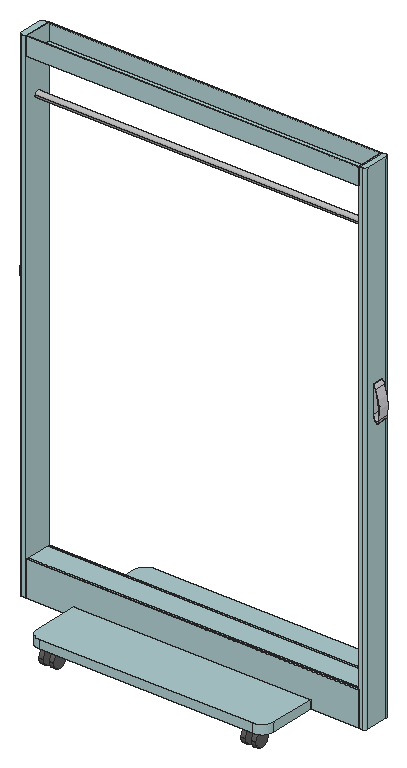
Revit family "okamura_MT20CA00_スプリント_スタンド_ハンガースタンド_1200W×500D×1800H", category 家具, Revit 2017
Family settings
  OmniClass 番号 = 23.40.20.00
  OmniClass タイトル = General Furniture and Specialties
  作業面に基づく = いいえ
  常に垂直 = はい
  ロード時にボイドで切り取り = いいえ
  共有 = いいえ
  部屋計算ポイント = いいえ
Parameters (values of type "ZH14（セージ）")
  製造元 = "株式会社オカムラ"
  製品名称 [instance] = "スプリント"  # constant formula
  製品仕様 [instance] = "ハンガースタンド 1200W×500D×1800H"  # constant formula
  製品コード/色仕様 = "MT20CA"  # constant formula
  製品コード [instance] = "MT20CA"  # constant formula
  製品カテゴリ = "クリエイティブファニチュア"  # constant formula
  色仕様名称 [instance] = "セージ"
  色仕様コード [instance] = "ZH14"
  本体 = okm_ZH14
  導入日 [instance] = ""
  区分 = "スタンド"  # constant formula
  共通仕様 = ""
  備考 = ""
  シリアルNo [instance] = ""
  キーノート = "12490"
  キャスター = okm_G81
  アセンブリ コード = "E2020200"
  W = 1200.0 mm
  URL = "http://www.okamura.co.jp/"
  Product_URL = ""
  ID [instance] = ""
  H = 1800.0 mm
  D = 500.0 mm
  Copyright [instance] = "©2021.11 okamura Corp."  # constant formula
Types (8, lengths in mm): name | 色仕様名称 | 色仕様コード | 本体
  (no name) | "セージ" | "ZH14" | okm_ZH14
  ZH11（オレンジレッド） | "オレンジレッド" | "ZH11" | okm_ZH11
  ZH12（ダークグリーン） | "ダークグリーン" | "ZH12" | okm_ZH12
  ZH13（イエロー） | "イエロー" | "ZH13" | okm_ZH13
  ZH14（セージ） | "セージ" | "ZH14" | okm_ZH14
  ZH15（ダークグレー） | "ダークグレー" | "ZH15" | okm_ZH15
  Z721（ブラック） | "ブラック" | "Z721" | okm_Z721
  ZC03（ネオホワイト） | "ネオホワイト" | "ZC03" | okm_ZC03
Reference planes
  plane 1 "中心(正面/背面)": y = 0
  plane 2: z = 0
  plane 3 "中心(左/右)": x = 0
  plane 4 "左": x = -600
  plane 5 "右": x = 600
  plane 6 "背面": y = 250
  plane 7 "正面": y = -250
  plane 8 "上": z = 1800
  plane 9: x = -410
  plane 10: x = 410
  plane 11: x = -330
  plane 12: x = 330
  plane 13: x = 380
  plane 14: x = -380
Forms (mm)
  Extrusion 1, solid, material "okm_ZH14" <- "本体"
    sketch origin (0, 0, 0) x (1, 0, 0) y (0, 1, 0)
      loop
        arc (-370, 250) -> (-398.284, 238.284) -> (-410, 210) r 40
        line (-410, 210) -> (-410, -210)
        arc (-410, -210) -> (-398.284, -238.284) -> (-370, -250) r 40
        line (-370, -250) -> (370, -250)
        arc (370, -250) -> (398.284, -238.284) -> (410, -210) r 40
        line (410, -210) -> (410, 210)
        arc (410, 210) -> (398.284, 238.284) -> (370, 250) r 40
        line (370, 250) -> (-370, 250)
    from 57 to 87
  Extrusion 2, solid, material "okm_ZH14" <- "本体"
    sketch origin (0, 0, 0) x (1, 0, 0) y (0, 1, 0)
      loop
        arc (-590, 50) -> (-597.071, 47.071) -> (-600, 40) r 10
        line (-600, 40) -> (-600, -40)
        arc (-600, -40) -> (-597.071, -47.071) -> (-590, -50) r 10
        line (-590, -50) -> (-578, -50) -> (-578, 50) -> (-590, 50)
      loop
        arc (590, -50) -> (597.071, -47.071) -> (600, -40) r 10
        line (600, -40) -> (600, 40)
        arc (600, 40) -> (597.071, 47.071) -> (590, 50) r 10
        line (590, 50) -> (578, 50) -> (578, -50) -> (590, -50)
    from 57 to 1800
  Extrusion 3, solid, material "okm_ZH14" <- "本体"
    sketch origin (0, 0, 0) x (1, 0, 0) y (0, 1, 0)
      loop
        line (578, 50) -> (-578, 50) -> (-578, -50) -> (578, -50) -> (578, 50)
      loop
        line (-576, 48) -> (-576, -48) -> (576, -48) -> (576, 48) -> (-576, 48)
    from 1740 to 1800
  Extrusion 4, solid, material "okm_ZH14" <- "本体"
    sketch origin (0, 0, 2080) x (0, -1, 0) y (1, 0, 0)
      loop
        line (-50, 578) -> (-50, -578) -> (-48, -578) -> (-48, 578) -> (-50, 578)
      loop
        line (50, -578) -> (50, 578) -> (48, 578) -> (48, -578) -> (50, -578)
      loop
        line (-41, -578) -> (41, -578) -> (41, 578) -> (-41, 578) -> (-41, -578)
    from -2023 to -1903
  Extrusion 5, solid, material "okm_Z637"
    sketch origin (0, 0, 0) x (1, 0, 0) y (0, 0, 1)
      loop
        arc (-600, 1121) -> (-602.645, 1119.928) -> (-604.745, 1117.996) r 8
        arc (-604.745, 1117.996) -> (-608.489, 1112.272) -> (-611.417, 1106.09) r 50
        arc (-611.417, 1106.09) -> (-622.819, 1059.621) -> (-621.575, 1011.79) r 180
        arc (-621.575, 1011.79) -> (-620.136, 1006.955) -> (-617.504, 1002.651) r 19.481
        arc (-617.504, 1002.651) -> (-615.843, 1001.737) -> (-614.018, 1002.251) r 2.5
        arc (-614.018, 1002.251) -> (-604.68, 1013.792) -> (-601.342, 1028.257) r 33.015
        line (-601.342, 1028.257) -> (-601.342, 1105.743)
        arc (-601.342, 1105.743) -> (-601.005, 1111.246) -> (-600, 1116.667) r 45.137
        line (-600, 1116.667) -> (-600, 1121)
      loop
        arc (-603.15, 1116.789) -> (-606.745, 1111.294) -> (-609.556, 1105.36) r 48
        arc (-609.556, 1105.36) -> (-620.83, 1059.407) -> (-619.6, 1012.107) r 178
        arc (-619.6, 1012.107) -> (-618.208, 1007.546) -> (-615.635, 1003.53) r 17.481
        arc (-615.635, 1003.53) -> (-606.585, 1014.45) -> (-603.342, 1028.257) r 31.015
        line (-603.342, 1028.257) -> (-603.342, 1105.743)
        arc (-603.342, 1105.743) -> (-602.923, 1112.015) -> (-601.673, 1118.175) r 47.137
        arc (-601.673, 1118.175) -> (-602.471, 1117.545) -> (-603.15, 1116.789) r 6
      loop
        line (600, 1121) -> (600, 1116.667)
        arc (600, 1116.667) -> (601.005, 1111.246) -> (601.342, 1105.743) r 45.137
        line (601.342, 1105.743) -> (601.342, 1028.257)
        arc (601.342, 1028.257) -> (604.68, 1013.792) -> (614.018, 1002.251) r 33.015
        arc (614.018, 1002.251) -> (615.843, 1001.737) -> (617.504, 1002.651) r 2.5
        arc (617.504, 1002.651) -> (620.136, 1006.955) -> (621.575, 1011.79) r 19.481
        arc (621.575, 1011.79) -> (622.819, 1059.621) -> (611.417, 1106.09) r 180
        arc (611.417, 1106.09) -> (608.489, 1112.272) -> (604.745, 1117.996) r 50
        arc (604.745, 1117.996) -> (602.645, 1119.928) -> (600, 1121) r 8
      loop
        arc (603.15, 1116.789) -> (602.471, 1117.545) -> (601.673, 1118.175) r 6
        arc (601.673, 1118.175) -> (602.923, 1112.015) -> (603.342, 1105.743) r 47.137
        line (603.342, 1105.743) -> (603.342, 1028.257)
        arc (603.342, 1028.257) -> (606.585, 1014.45) -> (615.635, 1003.53) r 31.015
        arc (615.635, 1003.53) -> (618.208, 1007.546) -> (619.6, 1012.107) r 17.481
        arc (619.6, 1012.107) -> (620.83, 1059.407) -> (609.556, 1105.36) r 178
        arc (609.556, 1105.36) -> (606.745, 1111.294) -> (603.15, 1116.789) r 48
    from 17.5 to -17.5
  Extrusion 6, solid, material "okm_G81" <- "キャスター"
    sketch origin (0, 0, 0) x (0, 1, 0) y (0, 0, 1)
      loop
        circle (-219, 25) r 25
      loop
        circle (219, 25) r 25
    from 360.5 to 376
  Extrusion 7, solid, material "okm_G81" <- "キャスター"
    sketch origin (700.001, 0, 0) x (0, 1, 0) y (0, 0, -1)
      loop
        circle (-219, -25) r 25
      loop
        circle (219, -25) r 25
    from 360.5 to 376
  Revolve 8, solid, material "okm_G81" <- "キャスター"
    sketch origin (0, -202, 0) x (1, 0, 0) y (0, 0, -1)
      loop
        line (339.504, -17) -> (341.857, -57) -> (350, -57) -> (350, -17) -> (339.504, -17)
      axis (350, -57) -> (350, -17)
    angle from 0 to 360
  Revolve 9, solid, material "okm_G81" <- "キャスター"
    sketch origin (0, 202, 0) x (1, 0, 0) y (0, 0, 1)
      loop
        line (339.504, 17) -> (350, 17) -> (350, 57) -> (341.857, 57) -> (339.504, 17)
      axis (350, 57) -> (350, 17)
    angle from 0 to 360
  Extrusion 10, solid, material "okm_G81" <- "キャスター"
    sketch origin (0, 0, 0) x (0, 1, 0) y (0, 0, -1)
      loop
        circle (-219, -25) r 25
      loop
        circle (219, -25) r 25
    from 360.5 to 376
  Extrusion 11, solid, material "okm_G81" <- "キャスター"
    sketch origin (-700.001, 0, 0) x (0, 1, 0) y (0, 0, 1)
      loop
        circle (-219, 25) r 25
      loop
        circle (219, 25) r 25
    from 360.5 to 376
  Revolve 12, solid, material "okm_G81" <- "キャスター"
    sketch origin (0, -202, 0) x (-1, 0, 0) y (0, 0, 1)
      loop
        line (339.504, 17) -> (350, 17) -> (350, 57) -> (341.857, 57) -> (339.504, 17)
      axis (350, 57) -> (350, 17)
    angle from 0 to 360
  Revolve 13, solid, material "okm_G81" <- "キャスター"
    sketch origin (0, 202, 0) x (-1, 0, 0) y (0, 0, -1)
      loop
        line (339.504, -17) -> (341.857, -57) -> (350, -57) -> (350, -17) -> (339.504, -17)
      axis (350, -57) -> (350, -17)
    angle from 0 to 360
  Extrusion 14, solid, material "okm_ZH14" <- "本体"
    sketch origin (0, 0, 0) x (1, 0, 0) y (0, 1, 0)
      loop
        line (-576, 48) -> (-576, -48) -> (576, -48) -> (576, 48) -> (-576, 48)
      loop
        line (-30.052, 11) -> (-527.052, 11)
        arc (-527.052, 11) -> (-538.052, 0) -> (-527.052, -11) r 11
        line (-527.052, -11) -> (-30.052, -11)
        arc (-30.052, -11) -> (-19.052, 0) -> (-30.052, 11) r 11
      loop
        arc (30.052, 11) -> (19.052, 0) -> (30.052, -11) r 11
        line (30.052, -11) -> (527.052, -11)
        arc (527.052, -11) -> (538.052, 0) -> (527.052, 11) r 11
        line (527.052, 11) -> (30.052, 11)
    from 1742 to 1740
  Extrusion 15, solid, material "okm_FX4"
    sketch origin (0, 0, 0) x (0, 1, 0) y (0, 0, 1)
      loop
        circle (0, 1600.3) r 11
    from -578 to 578
Cuts and joins
  joined: Extrusion 1, Extrusion 4
  joined: Extrusion 3, Extrusion 14
Lines and regions (mm)
  Masking region 1
    outline origin (0, 0, 0) x (1, 0, 0) y (0, 1, 0)
      loop
        line (370, 250) -> (-370, 250)
        arc (-370, 250) -> (-398.284, 238.284) -> (-410, 210) r 40
        line (-410, 210) -> (-410, 50) -> (-590, 50)
        arc (-590, 50) -> (-597.071, 47.071) -> (-600, 40) r 10
        line (-600, 40) -> (-600, -40)
        arc (-600, -40) -> (-597.071, -47.071) -> (-590, -50) r 10
        line (-590, -50) -> (-410, -50) -> (-410, -210)
        arc (-410, -210) -> (-398.284, -238.284) -> (-370, -250) r 40
        line (-370, -250) -> (370, -250)
        arc (370, -250) -> (398.284, -238.284) -> (410, -210) r 40
        line (410, -210) -> (410, -50) -> (590, -50)
        arc (590, -50) -> (597.071, -47.071) -> (600, -40) r 10
        line (600, -40) -> (600, 40)
        arc (600, 40) -> (597.071, 47.071) -> (590, 50) r 10
        line (590, 50) -> (410, 50) -> (410, 210)
        arc (410, 210) -> (398.284, 238.284) -> (370, 250) r 40
  symbolic lines, style "okm_標準・詳細", detail levels medium+fine
    curve 1: line (370, 250, 0) -> (-370, 250, 0)
    curve 2: arc (-370, 250, 0) -> (-398.284, 238.284, 0) -> (-410, 210, 0) r 40
    curve 3: line (-410, 210, 0) -> (-410, 50, 0)
    curve 4: arc (410, 210, 0) -> (398.284, 238.284, 0) -> (370, 250, 0) r 40
    curve 5: line (410, -210, 0) -> (410, -50, 0)
    curve 6: arc (370, -250, 0) -> (398.284, -238.284, 0) -> (410, -210, 0) r 40
    curve 7: arc (-410, -210, 0) -> (-398.284, -238.284, 0) -> (-370, -250, 0) r 40
    curve 8: line (-370, -250, 0) -> (370, -250, 0)
    curve 9: line (-590, -50, 0) -> (590, -50, 0)
    curve 10: line (590, 50, 0) -> (-590, 50, 0)
    curve 11: arc (-590, 50, 0) -> (-597.071, 47.071, 0) -> (-600, 40, 0) r 10
    curve 12: line (-600, 40, 0) -> (-600, -40, 0)
    curve 13: arc (-600, -40, 0) -> (-597.071, -47.071, 0) -> (-590, -50, 0) r 10
    curve 14: arc (600, 40, 0) -> (597.071, 47.071, 0) -> (590, 50, 0) r 10
    curve 15: line (600, -40, 0) -> (600, 40, 0)
    curve 16: arc (590, -50, 0) -> (597.071, -47.071, 0) -> (600, -40, 0) r 10
    curve 34: line (410, 50, 0) -> (410, 210, 0)
    curve 36: line (-410, -50, 0) -> (-410, -210, 0)
    curve 45: arc (30.052, -11, 0) -> (19.052, 0, 0) -> (30.052, 11, 0) r 11
    curve 46: arc (527.052, 11, 0) -> (538.052, 0, 0) -> (527.052, -11, 0) r 11
    curve 47: line (30.052, 11, 0) -> (527.052, 11, 0)
    curve 48: line (527.052, -11, 0) -> (30.052, -11, 0)
    curve 49: arc (-30.052, 11, 0) -> (-19.052, 0, 0) -> (-30.052, -11, 0) r 11
    curve 50: arc (-527.052, -11, 0) -> (-538.052, 0, 0) -> (-527.052, 11, 0) r 11
    curve 51: line (-527.052, 11, 0) -> (-30.052, 11, 0)
    curve 52: line (-30.052, -11, 0) -> (-527.052, -11, 0)
  symbolic lines, style "okm_簡略", detail levels coarse
    curve 17: line (370, 250, 0) -> (-370, 250, 0)
    curve 18: arc (-370, 250, 0) -> (-398.284, 238.284, 0) -> (-410, 210, 0) r 40
    curve 19: line (-410, 210, 0) -> (-410, 50, 0)
    curve 20: arc (-410, -210, 0) -> (-398.284, -238.284, 0) -> (-370, -250, 0) r 40
    curve 21: line (-370, -250, 0) -> (370, -250, 0)
    curve 22: arc (370, -250, 0) -> (398.284, -238.284, 0) -> (410, -210, 0) r 40
    curve 23: line (410, -210, 0) -> (410, -50, 0)
    curve 24: arc (410, 210, 0) -> (398.284, 238.284, 0) -> (370, 250, 0) r 40
    curve 25: line (590, 50, 0) -> (-590, 50, 0)
    curve 26: line (-590, -50, 0) -> (590, -50, 0)
    curve 27: arc (590, -50, 0) -> (597.071, -47.071, 0) -> (600, -40, 0) r 10
    curve 28: line (600, -40, 0) -> (600, 40, 0)
    curve 29: arc (600, 40, 0) -> (597.071, 47.071, 0) -> (590, 50, 0) r 10
    curve 30: line (-600, 40, 0) -> (-600, -40, 0)
    curve 31: arc (-590, 50, 0) -> (-597.071, 47.071, 0) -> (-600, 40, 0) r 10
    curve 32: arc (-600, -40, 0) -> (-597.071, -47.071, 0) -> (-590, -50, 0) r 10
    curve 33: line (410, 50, 0) -> (410, 210, 0)
    curve 35: line (-410, -50, 0) -> (-410, -210, 0)
    curve 37: line (-527.052, 11, 0) -> (-30.052, 11, 0)
    curve 38: line (-30.052, -11, 0) -> (-527.052, -11, 0)
    curve 39: arc (-527.052, -11, 0) -> (-538.052, 0, 0) -> (-527.052, 11, 0) r 11
    curve 40: arc (-30.052, 11, 0) -> (-19.052, 0, 0) -> (-30.052, -11, 0) r 11
    curve 41: arc (30.052, -11, 0) -> (19.052, 0, 0) -> (30.052, 11, 0) r 11
    curve 42: line (527.052, -11, 0) -> (30.052, -11, 0)
    curve 43: line (30.052, 11, 0) -> (527.052, 11, 0)
    curve 44: arc (527.052, 11, 0) -> (538.052, 0, 0) -> (527.052, -11, 0) r 11
Dimensions and locks
  equal spacing: plane 4 "左", plane 3 "中心(左/右)", plane 5 "右"
  "W": plane 4 "左" to plane 5 "右"
  equal spacing: plane 7 "正面", plane 1 "中心(正面/背面)", plane 6 "背面"
  "D": plane 7 "正面" to plane 6 "背面"
  "H": plane 8 "上" to level
  aligned and locked: level to plane 2
Automatic sketch dimensions
  curve 12 to plane 4 "左" = 0.0 mm
  curve 35 to plane 9 = 0.0 mm
  plane 7 "正面" to curve 21 = 0.0 mm
  plane 6 "背面" to curve 2 = 0.0 mm
  curve 33 to plane 10 = 0.0 mm
  curve 14 to plane 5 "右" = 0.0 mm
  plane 4 "左" to curve 31 = 10.0 mm
  plane 4 "左" to curve 26 = 10.0 mm
  plane 14 to curve 21 = 10.0 mm
  plane 14 to curve 2 = 10.0 mm
  curve 17 to plane 13 = 10.0 mm
  curve 22 to plane 13 = 10.0 mm
  curve 27 to plane 5 "右" = 10.0 mm
  curve 29 to plane 5 "右" = 10.0 mm
  Extrusion 1 sketch curve to plane 9 = 0.0 mm
  plane 7 "正面" to Extrusion 1 sketch curve = 0.0 mm
  plane 6 "背面" to Extrusion 1 sketch curve = 0.0 mm
  Extrusion 1 sketch curve to plane 10 = 0.0 mm
  plane 14 to Extrusion 1 sketch curve = 10.0 mm  (x2)
  Extrusion 1 sketch curve to plane 13 = 10.0 mm  (x2)
  Extrusion 2 sketch curve to plane 4 "左" = 0.0 mm
  Extrusion 2 sketch curve to plane 5 "右" = 0.0 mm
  plane 4 "左" to Extrusion 2 sketch curve = 10.0 mm  (x2)
  Extrusion 2 sketch curve to Extrusion 2 sketch curve = 12.0 mm
  Extrusion 2 sketch curve to plane 5 "右" = 22.0 mm
  Extrusion 2 sketch curve to plane 5 "右" = 10.0 mm  (x2)
  plane 4 "左" to Extrusion 3 sketch curve = 22.0 mm
  Extrusion 3 sketch curve to Extrusion 3 sketch curve = 2.0 mm  (x4)
  Extrusion 3 sketch curve to plane 5 "右" = 24.0 mm
  Extrusion 4 sketch curve to Extrusion 4 sketch curve = 7.0 mm  (x2)
  plane 4 "左" to Extrusion 4 sketch curve = 22.0 mm
  Extrusion 4 sketch curve to Extrusion 4 sketch curve = 0.0 mm  (x3)
  Extrusion 4 sketch curve to plane 5 "右" = 22.0 mm  (x2)
  Extrusion 6 sketch curve to plane 7 "正面" = 31.0 mm
  plane 6 "背面" to Extrusion 6 sketch curve = 31.0 mm
  level to Extrusion 6 sketch curve = 25.0 mm  (x2)
  Masking region 1 sketch curve to plane 4 "左" = 0.0 mm
  Masking region 1 sketch curve to plane 9 = 0.0 mm  (x2)
  plane 6 "背面" to Masking region 1 sketch curve = 0.0 mm
  plane 7 "正面" to Masking region 1 sketch curve = 0.0 mm
  Masking region 1 sketch curve to plane 10 = 0.0 mm  (x2)
  Masking region 1 sketch curve to plane 5 "右" = 0.0 mm
  plane 4 "左" to Masking region 1 sketch curve = 10.0 mm  (x2)
  plane 14 to Masking region 1 sketch curve = 10.0 mm  (x2)
  Masking region 1 sketch curve to plane 13 = 10.0 mm  (x2)
  Masking region 1 sketch curve to plane 5 "右" = 10.0 mm  (x2)
  Extrusion 7 sketch curve to plane 7 "正面" = 31.0 mm
  plane 6 "背面" to Extrusion 7 sketch curve = 31.0 mm
  level to Extrusion 7 sketch curve = 25.0 mm  (x2)
  Revolve 8 sketch curve to level = 0.0 mm
  plane 12 to Revolve 8 sketch curve = 9.504 mm
  plane 12 to Revolve 8 sketch curve = 11.857 mm
  Revolve 8 sketch curve to Revolve 8 sketch curve = 10.497 mm
  level to Revolve 8 sketch curve = 17.0 mm
  Revolve 8 sketch curve to Revolve 8 sketch curve = 0.0 mm  (x2)
  Revolve 9 sketch curve to level = 0.0 mm
  plane 12 to Revolve 9 sketch curve = 9.504 mm
  plane 12 to Revolve 9 sketch curve = 11.857 mm
  Revolve 9 sketch curve to Revolve 9 sketch curve = 10.497 mm
  level to Revolve 9 sketch curve = 17.0 mm
  Revolve 9 sketch curve to Revolve 9 sketch curve = 0.0 mm  (x2)
  Extrusion 10 sketch curve to plane 7 "正面" = 31.0 mm
  plane 6 "背面" to Extrusion 10 sketch curve = 31.0 mm
  level to Extrusion 10 sketch curve = 25.0 mm  (x2)
  Extrusion 11 sketch curve to plane 7 "正面" = 31.0 mm
  plane 6 "背面" to Extrusion 11 sketch curve = 31.0 mm
  level to Extrusion 11 sketch curve = 25.0 mm  (x2)
  Revolve 12 sketch curve to level = 0.0 mm
  Revolve 12 sketch curve to plane 11 = 9.504 mm
  Revolve 12 sketch curve to plane 11 = 11.857 mm
  Revolve 12 sketch curve to Revolve 12 sketch curve = 10.497 mm
  level to Revolve 12 sketch curve = 17.0 mm
  Revolve 12 sketch curve to Revolve 12 sketch curve = 0.0 mm  (x2)
  Revolve 13 sketch curve to level = 0.0 mm
  Revolve 13 sketch curve to plane 11 = 9.504 mm
  Revolve 13 sketch curve to plane 11 = 11.857 mm
  Revolve 13 sketch curve to Revolve 13 sketch curve = 10.497 mm
  level to Revolve 13 sketch curve = 17.0 mm
  Revolve 13 sketch curve to Revolve 13 sketch curve = 0.0 mm  (x2)
  Extrusion 5 sketch curve to Extrusion 5 sketch curve = 0.0 mm  (x48)
  Extrusion 5 sketch curve to plane 4 "左" = 0.0 mm
  Extrusion 5 sketch curve to plane 5 "右" = 0.0 mm
  Extrusion 5 sketch curve to plane 4 "左" = 1.342 mm
  Extrusion 5 sketch curve to plane 4 "左" = 2.341 mm
  Extrusion 5 sketch curve to Extrusion 5 sketch curve = 2.0 mm  (x2)
  Extrusion 5 sketch curve to plane 4 "左" = 15.558 mm
  Extrusion 5 sketch curve to Extrusion 5 sketch curve = 18.799 mm  (x2)
  plane 4 "左" to Extrusion 5 sketch curve = 1.635 mm
  plane 4 "左" to Extrusion 5 sketch curve = 35.128 mm
  Extrusion 5 sketch curve to Extrusion 5 sketch curve = 8.667 mm  (x2)
  Extrusion 5 sketch curve to plane 9 = 33.854 mm
  plane 10 to Extrusion 5 sketch curve = 33.854 mm
  Extrusion 5 sketch curve to plane 5 "右" = 43.796 mm
  Extrusion 5 sketch curve to plane 5 "右" = 1.635 mm
  plane 5 "右" to Extrusion 5 sketch curve = 1.342 mm
  plane 5 "右" to Extrusion 5 sketch curve = 2.341 mm
  plane 5 "右" to Extrusion 5 sketch curve = 15.558 mm
  Extrusion 5 sketch curve to Extrusion 5 sketch curve = 10.66 mm  (x2)
  Extrusion 5 sketch curve to Extrusion 5 sketch curve = 24.037 mm  (x2)
  Extrusion 5 sketch curve to Extrusion 5 sketch curve = 3.499 mm  (x2)
  Extrusion 5 sketch curve to Extrusion 5 sketch curve = 4.333 mm  (x2)
  Extrusion 5 sketch curve to plane 4 "左" = 1.673 mm
  Extrusion 5 sketch curve to Extrusion 5 sketch curve = 0.077 mm  (x2)
  plane 5 "右" to Extrusion 5 sketch curve = 1.673 mm
  curve 28 to plane 1 "中心(正面/背面)" = 40.0 mm
  plane 1 "中心(正面/背面)" to Extrusion 2 sketch curve = 50.0 mm  (x2)
  Extrusion 2 sketch curve to plane 1 "中心(正面/背面)" = 40.0 mm  (x2)
  plane 1 "中心(正面/背面)" to Extrusion 3 sketch curve = 50.0 mm
  Extrusion 3 sketch curve to plane 1 "中心(正面/背面)" = 48.0 mm
  Extrusion 4 sketch curve to plane 1 "中心(正面/背面)" = 50.0 mm
  Extrusion 4 sketch curve to Extrusion 4 sketch curve = 2.0 mm  (x2)
  plane 1 "中心(正面/背面)" to Extrusion 4 sketch curve = 41.0 mm
  plane 1 "中心(正面/背面)" to Masking region 1 sketch curve = 50.0 mm  (x2)
  Masking region 1 sketch curve to plane 1 "中心(正面/背面)" = 40.0 mm  (x2)
  plane 4 "左" to Extrusion 14 sketch curve = 24.0 mm
  Extrusion 14 sketch curve to plane 1 "中心(正面/背面)" = 0.0 mm  (x2)
  Extrusion 14 sketch curve to Extrusion 14 sketch curve = 48.948 mm
  Extrusion 14 sketch curve to plane 1 "中心(正面/背面)" = 11.0 mm  (x2)
  Extrusion 14 sketch curve to plane 3 "中心(左/右)" = 30.052 mm
  plane 3 "中心(左/右)" to Extrusion 14 sketch curve = 30.052 mm
  Extrusion 14 sketch curve to plane 5 "右" = 72.948 mm
  Extrusion 14 sketch curve to plane 5 "右" = 24.0 mm
  plane 1 "中心(正面/背面)" to Extrusion 14 sketch curve = 48.0 mm
  Extrusion 14 sketch curve to plane 1 "中心(正面/背面)" = 48.0 mm
  plane 1 "中心(正面/背面)" to curve 35 = 50.0 mm
  curve 19 to plane 9 = 0.0 mm
  curve 23 to plane 10 = 0.0 mm
  curve 39 to plane 1 "中心(正面/背面)" = 0.0 mm
  plane 4 "左" to curve 39 = 72.948 mm
  plane 1 "中心(正面/背面)" to curve 38 = 11.0 mm
  curve 38 to plane 3 "中心(左/右)" = 30.052 mm
  plane 1 "中心(正面/背面)" to curve 42 = 11.0 mm
  plane 3 "中心(左/右)" to curve 42 = 30.052 mm
  curve 41 to plane 1 "中心(正面/背面)" = 0.0 mm
  curve 42 to curve 16 = 62.948 mm
  Extrusion 5 sketch curve to plane 8 "上" = 795.78 mm  (x2)
  Extrusion 5 sketch curve to Extrusion 5 sketch curve = 12.087 mm  (x2)
  Extrusion 5 sketch curve to Extrusion 5 sketch curve = 59.57 mm  (x2)
  Extrusion 5 sketch curve to Extrusion 5 sketch curve = 17.916 mm  (x2)
  Revolve 8 sketch curve to Revolve 8 sketch curve = 40.0 mm
  Revolve 9 sketch curve to Revolve 9 sketch curve = 40.0 mm
  Revolve 12 sketch curve to Revolve 12 sketch curve = 40.0 mm
  Revolve 13 sketch curve to Revolve 13 sketch curve = 40.0 mm
  Extrusion 15 sketch curve to plane 1 "中心(正面/背面)" = 0.0 mm
  Extrusion 15 sketch curve to plane 8 "上" = 199.7 mm
  radius of Extrusion 6 sketch curve = 25.0 mm  (x2)
  radius of Extrusion 7 sketch curve = 25.0 mm  (x2)
  radius of Extrusion 10 sketch curve = 25.0 mm  (x2)
  radius of Extrusion 11 sketch curve = 25.0 mm  (x2)
  radius of Extrusion 15 sketch curve = 11.0 mm
